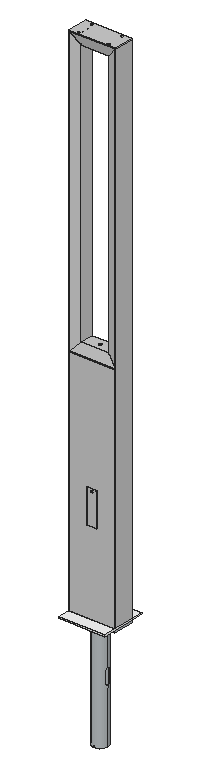
Revit family "BE_99075_de_DE", category Leuchten, Revit 2015
Parameters (values of type "BEGA_99075_Silber_K3")
  built-in parameter 1150104 = 16.775 (stored number, unit not read)
  Windangriffsfläche = "1.63 m²"
  Werkzeuglos = ""
  Wattage = 35.5 W
  Default Elevation = 0 mm
  built-in parameter 1150113 = 1 (stored number, unit not read)
  built-in parameter 1114218 = 1 (stored number, unit not read)
  Umgebungstemperatur = "25 °C"
  URL = "http://www.bega.de/produkt/99075"
  Typenkommentare = "© 2017 BEGA. Wir behalten uns das Recht vor, technische Änderungen ohne vorherige Ankündigung vorzunehmen."  # constant formula
  Type Image = 99075.png
  built-in parameter 1150134 = (empty or 0)
  built-in parameter 1150109 = 1 (stored number, unit not read)
  Strom = ""
  built-in parameter 1150110 = 1 (stored number, unit not read)
  Spannung = 239.996 V
  Sonderanfertigung = no
  Seriennummer [instance] = "Hier können Sie die eindeutige Seriennummer für das Facility Management eintragen."
  Schutzklasse = "I"
  Schutzart = "IP 65"
  Scheinlast = 0 VA
  Produktdatenblatt = "http://www.bega.de/download/Xrfa/db/99075.db.de.pdf"
  Oberflächentemperatur = ""
  Neigungswinkel = 0.00°
  Modell = "99075AK3"
  Material_18 = BEGA_Gummi_schwarz
  Material_17 = BEGA_Reflektor
  Material_15 = BEGA_Leuchtmedium_matt
  Material_11 = BEGA_Glas_opal
  Material_10 = BEGA_Glas_matt
  Material_09 = BEGA_Glas_klar
  Material_06 = BEGA_Oberfläche_Edelstahl_gebürstet
  Material_03 = BEGA_Oberfläche_Weiss_matt
  Material_02 = BEGA_Oberfläche_Silber_matt
  Material_01 [instance] = BEGA_Oberfläche_Grafit_matt
  M_W = no
  M_G = no
  M_A = yes
  Logo = 0
  built-in parameter 1114217 = 1 (stored number, unit not read)
  built-in parameter 1150139 = (empty or 0)
  built-in parameter 1150105 = 510.08 (stored number, unit not read)
  built-in parameter 1150114 = 1 (stored number, unit not read)
  Lumens = 6409.88 lm
  built-in parameter 1150115 = 1 (stored number, unit not read)
  Leuchtenlichtstrom = "3615 lm"
  Leuchtenanzahl = ""
  Lebensdauerkriterien = "L70 = 50.000 h"
  Lastklassifizierung = Beleuchtung
  built-in parameter 1150112 = 1 (stored number, unit not read)
  Lampenlichtstrom = "6410 lm"
  Lampe = "LED 35.5 W"
  LED_Modulbezeichnung = "LED-0315/830"
  built-in parameter 1150142 = "IESNA:LM-63-1995\r\n[TEST] \r\n[MANUFAC] BEGA\r\n[MORE] Converted by LUMCat V \r\n[MORE] 07.12.2016 / H.R.\r\n[LUMCAT] \r\n[LUMINAIRE] 99075K3 0°\r\n[LAMPCAT] LED  35,5W\r\n[LAMPCAT] LED  35,5W    3615 lm,   42 W\r\n[LAMP] LED  35,5W\r\nTILT=NONE\r\n1    3615 1.0 73 19 1 2 0.100 0.220 0.000\r\n1.0 1.0 42\r\n   0.0   2.5   5.0   7.5  10.0  12.5  15.0  17.5  20.0  22.5  25.0  27.5  30.0\r\n  32.5  35.0  37.5  40.0  42.5  45.0  47.5  50.0  52.5  55.0  57.5  60.0  62.5\r\n  65.0  67.5  70.0  72.5  75.0  77.5  80.0  82.5  85.0  87.5  90.0  92.5  95.0\r\n  97.5 100.0 102.5 105.0 107.5 110.0 112.5 115.0 117.5 120.0 122.5 125.0 127.5\r\n 130.0 132.5 135.0 137.5 140.0 142.5 145.0 147.5 150.0 152.5 155.0 157.5 160.0\r\n 162.5 165.0 167.5 170.0 172.5 175.0 177.5 180.0\r\n   0.0   5.0  10.0  15.0  20.0  25.0  30.0  35.0  40.0  45.0  50.0  55.0  60.0\r\n  65.0  70.0  75.0  80.0  85.0  90.0\r\n       2.9       6.6     132.9     452.5     554.3     376.1     194.1      65.7\r\n      39.3      34.3      30.3      24.0      18.3      13.9      10.3       7.6\r\n       5.6       4.2       3.2       2.3       1.6       1.1       0.6       0.3\r\n       0.2       0.1       0.0       0.1       0.1       0.0       0.1       0.0\r\n       0.1       0.0       0.1       0.1       0.0       0.1       0.1       0.0\r\n       0.1       0.1       0.0       0.0       0.0       0.0       0.0       0.0\r\n       0.0       0.0       0.0       0.0       0.0       0.0       0.1       0.0\r\n       0.0       0.0       0.0       0.0       0.0       0.0       0.1       0.0\r\n       0.1       0.1       0.1       0.1       0.1       0.1       0.1       0.3\r\n       0.3\r\n       2.9       6.6     137.3     481.2     601.8     410.8     214.3      77.2\r\n      45.4      38.3      33.4      26.9      21.0      15.8      12.0       8.9\r\n       6.7       5.0       3.8       2.9       2.1       1.6       1.0       0.7\r\n       0.5       0.4       0.3       0.3       0.3       0.2       0.2       0.2\r\n       0.1       0.1       0.1       0.1       0.1       0.1       0.1       0.1\r\n       0.1       0.1       0.1       0.1       0.1       0.1       0.1       0.1\r\n       0.1       0.1       0.0       0.0       0.0       0.0       0.0       0.1\r\n       0.0       0.0       0.1       0.0       0.0       0.0       0.0       0.0\r\n       0.1       0.1       0.1       0.1       0.1       0.1       0.1       0.3\r\n       0.3\r\n       2.9       6.7     150.2     568.2     740.3     532.9     297.1     137.5\r\n      80.7      60.4      50.8      41.9      35.0      29.4      24.8      21.0\r\n      17.9      15.4      13.2      11.5      10.3       9.3       8.4       7.6\r\n       6.9       6.3       5.8       5.6       5.2       4.8       4.4       4.2\r\n       3.9       3.7       3.4       3.2       3.0       2.8       2.6       2.4\r\n       2.3       2.2       2.2       2.0       1.9       1.8       1.6       1.5\r\n       1.3       1.1       0.9       0.7       0.4       0.3       0.2       0.1\r\n       0.1       0.1       0.1       0.0       0.0       0.1       0.0       0.1\r\n       0.1       0.1       0.0       0.0       0.1       0.1       0.1       0.3\r\n       0.3\r\n       2.9       6.8     170.3     700.6     950.2     748.7     484.2     311.3\r\n     223.8     176.3     145.9     119.6      98.0      81.9      68.9      58.7\r\n      50.4      43.5      37.2      32.4      28.5      25.3      22.7      20.5\r\n      18.6      17.1      15.7      14.6      13.4      12.4      11.6      10.7\r\n       9.8       9.0       8.3       7.6       7.1       6.7       6.0       5.7\r\n       5.2       4.7       4.4       4.0       3.7       3.3       3.0       2.9\r\n       2.7       2.5       2.3       1.9       1.6       1.4       1.2       0.9\r\n       0.6       0.4       0.3       0.2       0.1       0.1       0.1       0.1\r\n       0.1       0.1       0.1       0.0       0.1       0.1       0.1       0.3\r\n       0.3\r\n       2.9       6.9     194.2     855.8    1211.6    1059.7     806.0     659.3\r\n     565.7     507.8     449.6     388.9     330.3     278.9     233.5     196.6\r\n     164.3     136.9     112.9      92.2      74.0      59.1      47.6      38.9\r\n      32.5      28.5      25.8      23.5      21.5      19.9      18.3      16.8\r\n      15.5      14.2      12.9      11.7      11.0      10.3       9.6       8.8\r\n       8.0       7.1       6.4       5.9       5.4       4.9       4.4       4.0\r\n       3.6       3.3       3.1       2.8       2.5       2.2       2.0       1.7\r\n       1.4       1.1       0.8       0.6       0.4       0.3       0.2       0.3\r\n       0.1       0.1       0.1       0.1       0.1       0.1       0.1       0.3\r\n       0.3\r\n       2.9       7.0     218.9    1021.6    1505.4    1410.8    1186.5    1056.9\r\n     957.4     880.3     798.6     714.5     629.9     551.0     477.8     412.1\r\n     353.6     300.8     253.0     210.2     171.2     136.3     106.6      82.0\r\n      62.6      48.5      38.6      31.9      28.2      25.4      23.1      21.0\r\n      19.3      17.3      15.9      14.4      13.5      12.4      11.6      10.5\r\n       9.6       8.9       8.0       7.4       6.7       6.0       5.5       5.1\r\n       4.6       4.2       3.9       3.5       3.1       2.8       2.5       2.1\r\n       2.0       1.7       1.4       1.1       0.8       0.7       0.5       0.5\r\n       0.4       0.4       0.3       0.2       0.1       0.1       0.2       0.3\r\n       0.3\r\n       2.9       7.0     243.0    1189.7    1793.5    1737.2    1553.6    1445.7\r\n    1356.1    1261.3    1156.7    1047.8     937.4     833.4     735.9     643.3\r\n     560.4     483.8     413.2     349.2     289.5     235.9     189.7     150.2\r\n     117.7      91.7      70.8      54.3      42.8      34.1      27.9      23.7\r\n      20.6      18.0      16.1      14.5      13.4      12.6      11.5      10.8\r\n       9.9       9.1       8.4       7.9       7.3       6.6       6.1       5.5\r\n       5.0       4.6       4.2       3.9       3.5       3.1       2.8       2.5\r\n       2.2       2.0       1.8       1.6       1.2       1.0       0.9       0.8\r\n       0.7       0.7       0.5       0.4       0.2       0.1       0.2       0.3\r\n       0.3\r\n       2.9       7.0     265.5    1344.6    2046.0    2024.4    1893.5    1800.0\r\n    1707.0    1600.8    1485.1    1363.3    1238.1    1113.9     992.2     874.4\r\n     767.5     668.0     577.3     495.2     420.8     353.3     294.7     243.5\r\n     199.4     162.9     131.4     104.5      82.3      64.5      50.1      38.9\r\n      30.0      22.8      18.0      14.6      12.9      11.7      10.8      10.0\r\n       9.4       8.8       8.2       7.6       7.2       6.6       6.2       5.7\r\n       5.2       4.7       4.4       4.1       3.7       3.3       3.0       2.8\r\n       2.6       2.1       2.0       1.8       1.6       1.3       1.1       1.0\r\n       0.9       0.9       0.8       0.6       0.3       0.2       0.2       0.3\r\n       0.3\r\n       2.9       6.8     284.6    1471.3    2256.5    2265.9    2183.2    2112.0\r\n    2030.4    1931.6    1813.8    1685.0    1549.2    1414.5    1283.5    1154.8\r\n    1028.6     908.7     792.7     685.9     586.1     499.4     425.7     359.0\r\n     302.1     253.5     211.0     173.7     141.6     113.8      89.9      68.6\r\n      50.5      35.5      23.6      15.7      11.9      11.0      10.1       9.4\r\n       8.9       8.4       7.9       7.2       6.7       6.3       6.0       5.5\r\n       5.1       4.7       4.4       4.0       3.7       3.4       3.1       2.8\r\n       2.6       2.3       2.1       1.9       1.7       1.5       1.3       1.3\r\n       1.1       1.1       1.0       0.9       0.5       0.3       0.2       0.3\r\n       0.3\r\n       2.9       6.7     297.9    1572.2    2422.3    2464.8    2410.3    2342.8\r\n    2259.1    2163.7    2061.4    1948.8    1831.5    1707.1    1577.3    1437.7\r\n    1295.2    1152.4    1010.6     880.0     761.1     656.2     561.6     480.3\r\n     408.6     346.2     290.9     242.5     199.4     161.1     126.5      97.3\r\n      70.8      48.2      29.8      17.4      11.8      10.4       9.4       8.7\r\n       8.1       7.8       7.5       6.8       6.3       6.1       5.6       5.4\r\n       5.0       4.7       4.3       3.9       3.8       3.5       3.1       2.8\r\n       2.5       2.3       2.2       2.0       1.7       1.5       1.4       1.4\r\n       1.3       1.3       1.2       1.1       0.7       0.3       0.2       0.3\r\n       0.3\r\n       2.9       6.5     303.7    1656.9    2546.9    2616.9    2575.7    2515.9\r\n    2442.6    2356.8    2256.2    2158.3    2051.9    1921.8    1779.5    1624.1\r\n    1465.8    1309.1    1160.3    1026.7     903.9     790.1     692.1     600.3\r\n     518.9     445.9     378.6     318.0     263.1     212.5     167.8     127.8\r\n      91.3      59.9      35.7      18.7      11.1       9.8       8.5       7.9\r\n       7.6       7.1       6.8       6.5       6.1       5.6       5.2       4.9\r\n       4.4       4.3       4.1       3.7       3.4       3.2       3.0       2.7\r\n       2.6       2.3       2.1       1.8       1.7       1.6       1.5       1.4\r\n       1.3       1.3       1.3       1.3       0.9       0.4       0.2       0.3\r\n       0.3\r\n       2.9       6.3     302.0    1723.3    2636.3    2716.9    2681.2    2635.3\r\n    2570.0    2498.8    2428.1    2337.4    2210.9    2060.6    1895.9    1729.8\r\n    1562.3    1402.7    1258.3    1127.2    1005.5     893.9     789.5     692.7\r\n     602.7     518.4     440.6     368.1     302.9     244.1     191.5     144.9\r\n     103.2      67.6      39.0      19.2      10.2       8.9       7.7       7.0\r\n       6.6       6.3       5.9       5.6       5.4       5.0       4.8       4.6\r\n       4.3       4.0       3.8       3.5       3.3       3.1       2.9       2.7\r\n       2.4       2.1       1.9       1.8       1.6       1.5       1.4       1.4\r\n       1.4       1.3       1.4       1.5       1.2       0.5       0.3       0.3\r\n       0.3\r\n       2.9       6.1     295.3    1765.5    2703.5    2777.7    2748.5    2702.0\r\n    2651.3    2596.9    2534.2    2430.1    2290.9    2132.1    1962.8    1791.7\r\n    1626.4    1475.6    1335.2    1199.8    1073.3     951.4     838.8     732.3\r\n     634.1     543.4     459.9     382.4     314.3     252.5     198.4     149.0\r\n     105.4      68.3      38.9      18.5       9.6       8.3       6.9       6.0\r\n       5.8       5.5       5.2       5.0       4.7       4.4       4.3       4.0\r\n       3.8       3.7       3.4       3.1       3.0       2.8       2.5       2.3\r\n       2.2       2.0       1.8       1.6       1.6       1.4       1.3       1.3\r\n       1.4       1.4       1.4       1.6       1.3       0.7       0.3       0.3\r\n       0.3\r\n       2.9       6.0     286.4    1785.2    2749.9    2819.8    2792.1    2753.9\r\n    2709.2    2674.4    2598.3    2469.8    2321.5    2154.0    1985.4    1817.2\r\n    1663.6    1516.5    1375.1    1239.7    1107.3     980.7     860.7     747.9\r\n     643.5     547.7     460.1     381.2     311.5     249.3     193.7     143.6\r\n     100.6      64.5      36.4      16.7       8.3       7.2       5.9       5.0\r\n       4.7       4.5       4.3       4.2       3.9       3.8       3.6       3.4\r\n       3.2       3.1       2.9       2.7       2.6       2.4       2.3       2.2\r\n       1.9       1.8       1.6       1.6       1.4       1.2       1.2       1.2\r\n       1.3       1.3       1.4       1.6       1.4       0.8       0.3       0.3\r\n       0.3\r\n       2.9       5.9     277.4    1793.4    2771.4    2839.2    2813.7    2777.7\r\n    2748.3    2715.8    2617.1    2482.6    2325.2    2154.2    1988.5    1826.9\r\n    1679.2    1531.0    1388.7    1246.4    1104.2     974.5     850.8     736.8\r\n     628.9     531.1     443.7     365.3     296.7     231.6     176.6     129.8\r\n      89.8      57.1      32.1      15.1       7.4       6.3       5.2       4.1\r\n       3.8       3.7       3.6       3.4       3.3       3.1       3.0       2.7\r\n       2.6       2.5       2.5       2.4       2.2       2.1       1.9       1.8\r\n       1.7       1.5       1.4       1.2       1.1       1.0       1.1       1.1\r\n       1.2       1.3       1.4       1.6       1.6       0.9       0.4       0.3\r\n       0.3\r\n       2.9       5.8     269.5    1799.4    2780.8    2843.5    2821.6    2793.7\r\n    2771.3    2732.6    2625.0    2480.6    2317.6    2150.9    1988.1    1834.7\r\n    1684.6    1536.6    1387.7    1238.5    1100.1     965.6     841.5     721.9\r\n     613.7     517.3     428.9     349.6     276.2     214.8     160.5     116.8\r\n      80.3      50.5      28.4      13.1       6.5       5.3       4.2       3.0\r\n       2.9       2.8       2.7       2.5       2.4       2.4       2.3       2.2\r\n       2.0       2.0       1.9       1.8       1.7       1.6       1.5       1.4\r\n       1.3       1.2       1.0       1.0       0.9       0.9       0.9       0.9\r\n       1.0       1.2       1.3       1.6       1.6       1.0       0.4       0.3\r\n       0.3\r\n       2.9       5.7     263.1    1802.3    2786.6    2845.3    2824.9    2802.0\r\n    2789.0    2744.0    2624.1    2477.0    2315.9    2147.5    1987.9    1836.7\r\n    1687.4    1536.8    1383.6    1235.1    1093.2     958.3     833.0     713.9\r\n     605.7     506.6     417.2     332.8     261.0     199.8     149.3     107.5\r\n      74.3      46.5      25.6      11.6       5.4       4.4       3.3       2.1\r\n       1.8       1.8       1.8       1.7       1.6       1.6       1.4       1.4\r\n       1.2       1.4       1.3       1.2       1.1       1.0       0.9       0.9\r\n       0.8       0.7       0.7       0.7       0.7       0.6       0.7       0.7\r\n       0.9       1.1       1.2       1.5       1.6       1.0       0.4       0.3\r\n       0.3\r\n       2.9       5.6     259.1    1801.3    2787.1    2844.8    2827.5    2805.5\r\n    2796.1    2740.6    2622.9    2472.7    2307.0    2141.5    1988.1    1835.9\r\n    1684.4    1533.6    1378.7    1228.3    1087.9     954.2     827.1     708.0\r\n     598.7     500.5     405.3     322.1     249.3     190.9     140.9     102.4\r\n      69.1      42.5      23.3      10.2       4.2       3.2       2.2       1.2\r\n       0.9       0.8       0.8       0.8       0.7       0.7       0.6       0.6\r\n       0.6       0.5       0.5       0.5       0.5       0.4       0.4       0.4\r\n       0.3       0.3       0.3       0.3       0.4       0.4       0.5       0.7\r\n       0.8       1.0       1.2       1.5       1.7       1.1       0.4       0.3\r\n       0.3\r\n       2.9       5.6     257.7    1800.9    2785.7    2841.4    2824.7    2803.7\r\n    2796.5    2741.2    2615.0    2466.7    2305.1    2138.2    1984.9    1835.5\r\n    1683.6    1527.9    1375.5    1237.6    1086.1     946.2     822.2     703.2\r\n     594.2     495.7     399.5     317.3     246.4     186.8     137.8      99.6\r\n      66.3      40.7      22.2       8.8       3.0       2.2       1.3       0.2\r\n       0.1       0.1       0.1       0.1       0.1       0.1       0.1       0.1\r\n       0.1       0.1       0.1       0.1       0.1       0.1       0.1       0.1\r\n       0.1       0.1       0.1       0.1       0.1       0.2       0.4       0.6\r\n       0.8       1.0       1.2       1.5       1.7       1.1       0.4       0.2\r\n       0.3\r\n"
  Hersteller = "BEGA"  # constant formula
  Halbstreuwinkel = ""
  Gewicht = "81.5 kg"
  Frequenz = "0/50-60 Hz"
  Farbwiedergabeindex = "Ra > 80"
  Farbtemperaturverschiebung bei Dämpfen der Lampe = <Keine Auswahl>
  Farbtemperatur = "3000 K"
  Color Filter = 16777215
  Erdstück [instance] = no
  built-in parameter 1150133 = 10 (stored number, unit not read)
  Energieeffizienzklasse = "LED A++ - A"
  built-in parameter 1150137 = (empty or 0)
  built-in parameter 1150132 = (empty or 0)
  ENEC = "ja"
  Dimmbar [instance] = ""
  Datei für fotometrisches Netz = "BE_99075K3_0deg.IES"
  CE_Konformität = "ja"
  Bestellnummer_Erdstück [instance] = ""
  Bestellnummer = "99075AK3"
  Beschreibung_Sonderanfertigung = "Hier können Sie Informationen zur Sonderanfertigung eintragen."
  Beschreibung = "Lichtbauelement"
  built-in parameter 1150106 = 5.1008 (stored number, unit not read)
  Befestigungsbohrung = "Ø 22 mm"
  Befestigungsabstand = "320 x 320 mm"
  BEGA_Intern_aus = yes
  BEGA_Intern_an = yes
  BEGA_Intern_Konstruktion = yes
  BEGA_Intern = yes
  BEGA_Infotext_Winkel [instance] = no
  BEGA_IES3 = yes
  BEGA_IES2 = yes
  BEGA_IES1 = yes
  BEGA_IES = yes
  BEGA_Dummy = no
  Anschlussleitung = ""
  Anschlussleistung [instance] = "41.8 W"
  built-in parameter 1150107 = 3000 (stored number, unit not read)
  built-in parameter 1150102 = (empty or 0)
  built-in parameter 1150138 = (empty or 0)
  Aktualisierung = "2017-02-02T04:14:52"
  Abstand_zur_angestrahlten_Fläche [instance] = ""
  AC/DC = "AC/DC"
Reference planes
  plane 1 "Mitte (Vorne/Hinten)": y = 0
  plane 2: z = 0
  plane 3 "Mitte (Links/Rechts)": x = 0
  plane 4 "Links": x = -200.3
  plane 5 "Rechts": x = 200.3
  plane 6 "Unten": y = -90.319
  plane 7 "Oben": y = 90.319
  plane 8 "Vorne": z = 4508
  plane 9 "Hinten": z = -1000.5
Forms (mm)
  Extrusion 1, solid, material "BEGA_Platte_Weiss"
    sketch origin (0, -1119.2, 0) x (1, 0, 0) y (0, 1, 0)
      loop
        line (-200, 1319.2) -> (-200, 919.2) -> (200, 919.2) -> (200, 1319.2) -> (-200, 1319.2)
    from 0 to -10
  Extrusion 2, solid, material "BEGA_Dummy_matt", visible <- "BEGA_Dummy"
    sketch origin (80.095, -76.023, 0) x (1, 0, 0) y (0, 1, 0)
      loop
        line (-280.395, 166.342) -> (-280.395, -14.296) -> (120.205, -14.296) -> (120.205, 166.342) -> (-280.395, 166.342)
    from 0 to 4508
Dimensions and locks
  plane 1 "Mitte (Vorne/Hinten)" to Extrusion 1 = 200 mm
  aligned and locked: plane 2 to Extrusion 1
  aligned and locked: level to Extrusion 1
Nested families
  nested 1: "BE_99075" at (0, 0, 0), type "BE_99075"
Connectors
  electrical at (0, 0, 0), driven by "Lastklassifizierung", driven by "Spannung", driven by "Scheinlast"
    settings: index 1, voltage 239.996 V, apparent load 0 VA, apparent load phase1 0 VA, apparent load phase2 0 VA, apparent load phase3 0 VA, power factor 1, load classification "Beleuchtung", number of poles 1, system type 31, power factor state 1, is connector primary yes, connector utility no, sub classification motor no, connector description ""
Definition of nested family "BE_99075"
  Parameters (values of type "BE_99075")
    Default Elevation = 1 mm
    URL = "http://www.bega.de/de/produkt"
    Type Comments = "© 2015 BEGA. Wir behalten uns das Recht vor, technische Änderungen ohne vorherige Ankündigung vorzunehmen. "  # constant formula
    Type Image = (empty or 0)
    Material_18 = none
    Material_17 = none
    Material_15 = none
    Material_11 = none
    Material_10 = none
    Material_09 = none
    Material_08 = none
    Material_06 = none
    Material_03 = none
    Material_02 = none
    Material_01 = none
    M_W = yes
    M_G = yes
    M_A = yes
    Länge_Platte = 600 mm  # constant formula
    Höhe_Platte = -10 mm  # constant formula
    Manufacturer = "BEGA"  # constant formula
    Breite_Platte = 300 mm  # constant formula
  Reference planes
    plane 1 "Mitte (Oben/Unten)": y = 0
    plane 2: z = 0
    plane 3 "Mitte (Links/Rechts)": x = 0
    plane 4: x = -200.3
    plane 5: z = -1000.5
    plane 6: x = 200.3
    plane 7: z = 4508
    plane 8: y = 90.319
    plane 9: y = -90.319
  Forms (mm)
    Extrusion 1, solid, detail levels medium
      sketch origin (0, 0, 0) x (1, 0, 0) y (0, 1, 0)
        loop
          line (-300, 150) -> (-300, -150) -> (300, -150) -> (300, 150) -> (-300, 150)
      from 0 to -10 <- "Höhe_Platte"
    Extrusion 2, solid, material <- "Material_01", visible <- "M_G", detail levels medium+fine
      sketch origin (0, 0, 0) x (1, 0, 0) y (0, 1, 0)
        loop
          line (-119.7, 60) -> (-199.7, 91.373) -> (-199.7, -91.373) -> (-119.7, -60) -> (-119.7, 60)
        loop
          line (119.7, 60) -> (119.7, -60) -> (199.7, -91.373) -> (199.7, 91.373) -> (119.7, 60)
      from 0 to 4500
    Extrusion 3, solid, material <- "Material_01", visible <- "M_G", detail levels medium+fine
      sketch origin (0, 0, 0) x (0, 1, 0) y (0, 0, 1)
        loop
          line (60, 4410) -> (90, 4500) -> (84.729, 4500) -> (60, 4425.811) -> (60, 4410)
        loop
          line (-60, 4410) -> (-60, 4425.811) -> (-84.729, 4500) -> (-90, 4500) -> (-60, 4410)
      from -199.7 to 199.7
    Extrusion 4, solid, material <- "Material_01", visible <- "M_G", detail levels medium+fine
      sketch origin (0, 0, 0) x (1, 0, 0) y (0, 0, 1)
        loop
          line (-200.3, 4508) -> (-200.3, 4500) -> (200.3, 4500) -> (200.3, 4508) -> (-200.3, 4508)
      from -90.319 to 90.31
    Extrusion 5, solid, material <- "Material_01", visible <- "M_G", detail levels medium+fine
      sketch origin (0, 0, 8360) x (0, 1, 0) y (0, 0, 1)
        loop
          line (90, -6349.8) -> (90, -6339.875) -> (60, -6259.8) -> (-60, -6259.8) -> (-90, -6339.875) -> (-90, -6349.8) -> (-85.5, -6349.8) -> (-85.5, -6364.8) -> (-81.3, -6364.8) -> (-80.719, -6348.145) -> (-55, -6271.8) -> (55, -6271.8) -> (80.719, -6348.145) -> (81.3, -6364.8) -> (85.5, -6364.8) -> (85.5, -6349.8) -> (90, -6349.8)
      from -199.7 to 199.7
    Extrusion 6, solid, material <- "Material_01", visible <- "M_G", detail levels medium+fine
      sketch origin (0, 0, 0) x (0, 1, 0) y (0, 0, 1)
        loop
          line (90, 2010) -> (86, 2010) -> (86, 0) -> (90, 0) -> (90, 2010)
        loop
          line (-90, 2010) -> (-90, 0) -> (-86, 0) -> (-86, 2010) -> (-90, 2010)
      from -199.7 to 199.7
    Extrusion 7, void
      sketch origin (0, 0, 0) x (1, 0, 0) y (0, 1, 0)
        loop
          line (-193.524, 92.676) -> (-201.354, 92.676) -> (-201.354, 84.846) -> (-193.524, 92.676)
        loop
          line (-193.524, -92.676) -> (-201.354, -84.846) -> (-201.354, -92.676) -> (-193.524, -92.676)
        loop
          line (193.524, 92.676) -> (201.354, 84.846) -> (201.354, 92.676) -> (193.524, 92.676)
        loop
          line (193.524, -92.676) -> (201.354, -92.676) -> (201.354, -84.846) -> (193.524, -92.676)
      from 0 to 4536.84
    Sweep 8, solid, material <- "Material_08", detail levels medium+fine
      path origin (0, 0, 0) x (1, 0, 0) y (0, 1, 0)
        loop
          line (200.3, 90.319) -> (-200.3, 90.319) -> (-200.3, -90.31) -> (200.3, -90.31) -> (200.3, 90.319)
      profile origin (0, 90.319, 0) x (0, -1, 0) y (0, 0, 1)
        loop
          arc (6.819, -0.5) -> (3.283, -1.964) -> (1.819, -5.5) r 5
          line (1.819, -5.5) -> (1.819, -30.5) -> (5.819, -30.5) -> (5.819, -4.5) -> (21.819, -4.5) -> (21.819, -0.5) -> (6.819, -0.5)
    Revolve 9, solid, material <- "Material_08", detail levels medium+fine
      sketch origin (0, 0, 0) x (1, 0, 0) y (0, 0, 1)
        loop
          line (-62.9, -1000.5) -> (-62.9, 699.5) -> (-66.5, 699.5) -> (-66.5, -1000.5) -> (-62.9, -1000.5)
        axis (0, 699.5) -> (0, -1000.5)
      angle from 0 to 360
    Extrusion 10, solid, material <- "Material_08", detail levels medium+fine
      sketch origin (0, 0, 0) x (1, 0, 0) y (0, 1, 0)
        loop
          circle (0, 0) r 66.5
        loop
          line (-178.481, 68.5) -> (-178.481, -68.491) -> (178.481, -68.491) -> (178.481, 68.5) -> (-178.481, 68.5)
      from -4.5 to -0.5
    Extrusion 11, void
      sketch origin (0, 0, 0) x (1, 0, 0) y (0, 0, 1)
        loop
          circle (0, -990.5) r 3.75
      from -68.5 to 68.5
    Extrusion 12, void
      sketch origin (0, 0, 0) x (0, 1, 0) y (0, 0, 1)
        loop
          line (-25, -405.5) -> (-25, -505.5)
          arc (-25, -505.5) -> (0, -530.5) -> (25, -505.5) r 25
          line (25, -505.5) -> (25, -405.5)
          arc (25, -405.5) -> (0, -380.5) -> (-25, -405.5) r 25
      from -73.573 to 74.839
    Revolve 13, solid, material <- "Material_06", detail levels fine
      sketch origin (0, 75, 0) x (-1, 0, 0) y (0, 0, 1)
        loop
          line (-137.35, 4508.5) -> (-137.35, 4507.539) -> (-130, 4507.539) -> (-130, 4508.5) -> (-137.35, 4508.5)
        axis (-130, 4508.5) -> (-130, 4507.5)
      angle from 0 to 360
    Revolve 14, solid, material <- "Material_06", detail levels fine
      sketch origin (0, -75, 0) x (-1, 0, 0) y (0, 0, 1)
        loop
          line (-137.35, 4508.5) -> (-137.35, 4507.539) -> (-130, 4507.539) -> (-130, 4508.5) -> (-137.35, 4508.5)
        axis (-130, 4508.5) -> (-130, 4507.5)
      angle from 0 to 360
    Revolve 15, solid, material <- "Material_06", detail levels fine
      sketch origin (0, 75, 0) x (1, 0, 0) y (0, 0, 1)
        loop
          line (-137.35, 4508.5) -> (-137.35, 4507.539) -> (-130, 4507.539) -> (-130, 4508.5) -> (-137.35, 4508.5)
        axis (-130, 4508.5) -> (-130, 4507.5)
      angle from 0 to 360
    Revolve 16, solid, material <- "Material_06", detail levels fine
      sketch origin (0, -75, 0) x (1, 0, 0) y (0, 0, -1)
        loop
          line (-137.35, -4508.5) -> (-130, -4508.5) -> (-130, -4507.539) -> (-137.35, -4507.539) -> (-137.35, -4508.5)
        axis (-130, -4508.5) -> (-130, -4507.5)
      angle from 0 to 360
    Extrusion 17, void
      sketch origin (0, 0, 0) x (1, 0, 0) y (0, 0, 1)
        loop
          line (40.954, 1017.284) -> (-40.954, 1017.284)
          arc (-40.954, 1017.284) -> (-44.277, 1015.908) -> (-45.654, 1012.584) r 4.7
          line (-45.654, 1012.584) -> (-45.654, 724.602)
          arc (-45.654, 724.602) -> (-44.277, 721.279) -> (-40.954, 719.902) r 4.7
          line (-40.954, 719.902) -> (40.954, 719.902)
          arc (40.954, 719.902) -> (44.277, 721.279) -> (45.654, 724.602) r 4.7
          line (45.654, 724.602) -> (45.654, 1012.584)
          arc (45.654, 1012.584) -> (44.277, 1015.908) -> (40.954, 1017.284) r 4.7
      from 88 to 95.842
    Extrusion 18, solid, material <- "Material_01", visible <- "M_G", detail levels medium+fine
      sketch origin (0, 0, 0) x (1, 0, 0) y (0, 0, 1)
        loop
          arc (-40.647, 1016.571) -> (-43.701, 1015.537) -> (-45, 1012.587) r 4
          line (-45, 1012.587) -> (-44.984, 724.94)
          arc (-44.984, 724.94) -> (-43.829, 721.758) -> (-40.647, 720.602) r 4
          line (-40.647, 720.602) -> (41.012, 720.587)
          arc (41.012, 720.587) -> (43.955, 721.891) -> (44.984, 724.941) r 4
          line (44.984, 724.941) -> (44.984, 1012.233)
          arc (44.984, 1012.233) -> (43.951, 1015.287) -> (41, 1016.587) r 4
          line (41, 1016.587) -> (-40.647, 1016.571)
      from 88 to 90
    Revolve 19, void
      sketch origin (0, 0, 0) x (0, 1, 0) y (0, 0, 1)
        loop
          line (-84.147, 1004.8) -> (-95.722, 1004.8) -> (-95.722, 994.6) -> (-84.147, 994.6) -> (-84.147, 1004.8)
        axis (-84.147, 994.6) -> (-95.722, 994.6)
      angle from 0 to 360
    Revolve 20, solid, material <- "Material_01", visible <- "M_G", detail levels medium+fine
      sketch origin (0, 0, 0) x (0, 1, 0) y (0, 0, 1)
        loop
          line (-72, 1003.35) -> (-72, 999.881) -> (-68.5, 999.85) -> (-68.5, 1003.473)
          arc (-68.5, 1003.473) -> (-69.379, 1005.595) -> (-71.502, 1006.473) r 3
          line (-71.502, 1006.473) -> (-90, 1006.635) -> (-90, 1003.664) -> (-72, 1003.35)
        axis (-68.5, 994.6) -> (-90, 994.6)
      angle from 0 to 360
    Revolve 21, solid, material <- "Material_06", detail levels fine
      sketch origin (0, 0, 0) x (0, 1, 0) y (0, 0, 1)
        loop
          line (-75, 1001.6) -> (-75, 999.6) -> (-84, 999.6) -> (-85, 998.6) -> (-85, 994.6) -> (-72, 994.6) -> (-72, 1001.6) -> (-75, 1001.6)
        axis (-72, 994.6) -> (-85, 994.6)
      angle from 0 to 360
    Revolve 22, void
      sketch origin (0, 0, 0) x (1, 0, 0) y (0, 0, 1)
        loop
          line (-3.893, 2095.843) -> (0, 2095.843) -> (0, 2100.2) -> (-8.25, 2100.2) -> (-3.893, 2095.843)
        axis (0, 2100.2) -> (0, 2095.843)
      angle from 0 to 360
    Revolve 23, solid, material <- "Material_06", detail levels fine
      sketch origin (0, 0, 0) x (1, 0, 0) y (0, 0, 1)
        loop
          line (0, 2099.85) -> (-7.35, 2099.85) -> (-7.35, 2098.935) -> (0, 2098.935) -> (0, 2099.85)
        axis (0, 2099.85) -> (0, 2098.85)
      angle from 0 to 360
    Sweep 24, solid, material <- "Material_01", visible <- "M_G", detail levels medium+fine
      path origin (0, 0, 0) x (1, 0, 0) y (0, 1, 0)
        loop
          line (-119.7, -60) -> (119.7, -60) -> (119.7, 60) -> (-119.7, 60) -> (-119.7, -60)
      profile origin (-119.7, 0, 0) x (-1, 0, 0) y (0, 0, 1)
        loop
          line (-8.7, 4414) -> (-7.244, 4410) -> (0, 4410) -> (0, 4419) -> (-13.025, 4419) -> (-13.2, 4414) -> (-8.7, 4414)
    Extrusion 25, solid, material <- "Material_10", detail levels medium+fine
      sketch origin (0, 0, 0) x (1, 0, 0) y (0, 0, 1)
        loop
          line (-106.25, 4414) -> (-106.25, 4412.9) -> (-110.75, 4412.9) -> (-110.75, 4408.9) -> (110.75, 4408.9) -> (110.75, 4412.9) -> (106.25, 4412.9) -> (106.25, 4414) -> (-106.25, 4414)
      from -50.75 to 50.71
    Extrusion 26, solid, material <- "Material_02", visible <- "M_A", detail levels medium+fine
      sketch origin (0, 0, 0) x (1, 0, 0) y (0, 1, 0)
        loop
          line (-119.7, 60) -> (-199.7, 91.373) -> (-199.7, -91.373) -> (-119.7, -60) -> (-119.7, 60)
        loop
          line (119.7, 60) -> (119.7, -60) -> (199.7, -91.373) -> (199.7, 91.373) -> (119.7, 60)
      from 0 to 4500
    Extrusion 27, solid, material <- "Material_02", visible <- "M_A", detail levels medium+fine
      sketch origin (0, 0, 0) x (0, 1, 0) y (0, 0, 1)
        loop
          line (60, 4410) -> (90, 4500) -> (84.729, 4500) -> (60, 4425.811) -> (60, 4410)
        loop
          line (-60, 4410) -> (-60, 4425.811) -> (-84.729, 4500) -> (-90, 4500) -> (-60, 4410)
      from -199.7 to 199.7
    Extrusion 28, solid, material <- "Material_02", visible <- "M_A", detail levels medium+fine
      sketch origin (0, 0, 0) x (1, 0, 0) y (0, 0, 1)
        loop
          line (-200.3, 4508) -> (-200.3, 4500) -> (200.3, 4500) -> (200.3, 4508) -> (-200.3, 4508)
      from -90.319 to 90.31
    Extrusion 29, solid, material <- "Material_02", visible <- "M_A", detail levels medium+fine
      sketch origin (0, 0, 8360) x (0, 1, 0) y (0, 0, 1)
        loop
          line (90, -6349.8) -> (90, -6339.875) -> (60, -6259.8) -> (-60, -6259.8) -> (-90, -6339.875) -> (-90, -6349.8) -> (-85.5, -6349.8) -> (-85.5, -6364.8) -> (-81.3, -6364.8) -> (-80.719, -6348.145) -> (-55, -6271.8) -> (55, -6271.8) -> (80.719, -6348.145) -> (81.3, -6364.8) -> (85.5, -6364.8) -> (85.5, -6349.8) -> (90, -6349.8)
      from -199.7 to 199.7
    Extrusion 30, solid, material <- "Material_02", visible <- "M_A", detail levels medium+fine
      sketch origin (0, 0, 0) x (0, 1, 0) y (0, 0, 1)
        loop
          line (90, 2010) -> (86, 2010) -> (86, 0) -> (90, 0) -> (90, 2010)
        loop
          line (-90, 2010) -> (-90, 0) -> (-86, 0) -> (-86, 2010) -> (-90, 2010)
      from -199.7 to 199.7
    Sweep 31, solid, material <- "Material_02", visible <- "M_A", detail levels medium+fine
      path origin (0, 0, 0) x (1, 0, 0) y (0, 1, 0)
        loop
          line (-119.7, -60) -> (119.7, -60) -> (119.7, 60) -> (-119.7, 60) -> (-119.7, -60)
      profile origin (-119.7, 0, 0) x (-1, 0, 0) y (0, 0, 1)
        loop
          line (-8.7, 4414) -> (-7.244, 4410) -> (0, 4410) -> (0, 4419) -> (-13.025, 4419) -> (-13.2, 4414) -> (-8.7, 4414)
    Extrusion 32, solid, material <- "Material_02", visible <- "M_A", detail levels medium+fine
      sketch origin (0, 0, 0) x (1, 0, 0) y (0, 0, 1)
        loop
          arc (-40.647, 1016.571) -> (-43.701, 1015.537) -> (-45, 1012.587) r 4
          line (-45, 1012.587) -> (-44.984, 724.94)
          arc (-44.984, 724.94) -> (-43.829, 721.758) -> (-40.647, 720.602) r 4
          line (-40.647, 720.602) -> (41.012, 720.587)
          arc (41.012, 720.587) -> (43.955, 721.891) -> (44.984, 724.941) r 4
          line (44.984, 724.941) -> (44.984, 1012.233)
          arc (44.984, 1012.233) -> (43.951, 1015.287) -> (41, 1016.587) r 4
          line (41, 1016.587) -> (-40.647, 1016.571)
      from 88 to 90
    Revolve 33, solid, material <- "Material_02", visible <- "M_A", detail levels medium+fine
      sketch origin (0, 0, 0) x (0, 1, 0) y (0, 0, 1)
        loop
          line (-72, 1003.35) -> (-72, 999.881) -> (-68.5, 999.85) -> (-68.5, 1003.473)
          arc (-68.5, 1003.473) -> (-69.379, 1005.595) -> (-71.502, 1006.473) r 3
          line (-71.502, 1006.473) -> (-90, 1006.635) -> (-90, 1003.664) -> (-72, 1003.35)
        axis (-68.5, 994.6) -> (-90, 994.6)
      angle from 0 to 360
  Cuts and joins
    Extrusion 7, Extrusion 17, Revolve 19, Revolve 22 cuts Extrusion 2
    Extrusion 7, Extrusion 17, Revolve 19, Revolve 22 cuts Extrusion 3
    Extrusion 7, Extrusion 17, Revolve 19, Revolve 22 cuts Extrusion 4
    Extrusion 7, Extrusion 17, Revolve 19, Revolve 22 cuts Extrusion 5
    Extrusion 7, Extrusion 17, Revolve 19, Revolve 22 cuts Extrusion 6
    joined: Extrusion 2, Extrusion 3, Extrusion 4, Extrusion 5, Extrusion 6, Sweep 24
    Extrusion 11, Extrusion 12 cuts Sweep 8
    Extrusion 11, Extrusion 12 cuts Revolve 9
    Extrusion 11, Extrusion 12 cuts Extrusion 10
    joined: Sweep 8, Revolve 9, Extrusion 10
    Revolve 19 cuts Extrusion 18
    joined: Extrusion 18, Revolve 20
    Extrusion 7 cuts Extrusion 26
    Extrusion 7 cuts Extrusion 27
    Extrusion 7 cuts Extrusion 28
    Extrusion 7, Revolve 22 cuts Extrusion 29
    Extrusion 7, Extrusion 17, Revolve 19 cuts Extrusion 30
    Extrusion 7 cuts Sweep 31
    joined: Extrusion 26, Extrusion 27, Extrusion 28, Extrusion 29, Extrusion 30, Sweep 31
    Revolve 19 cuts Extrusion 32
    joined: Extrusion 32, Revolve 33
  Dimensions and locks
    equal spacing: Extrusion 1 sketch curve, plane 3 "Mitte (Links/Rechts)", Extrusion 1 sketch curve
    equal spacing: Extrusion 1 sketch curve, plane 1 "Mitte (Oben/Unten)", Extrusion 1 sketch curve
    "Länge_Platte": Extrusion 1 sketch curve to Extrusion 1 sketch curve
    "Breite_Platte": Extrusion 1 sketch curve to Extrusion 1 sketch curve
    aligned and locked: Extrusion 1 to plane 2
    aligned and locked: level to Extrusion 1
  Automatic sketch dimensions
    Extrusion 2 sketch curve to plane 1 "Mitte (Oben/Unten)" = 91.373 mm  (x2)
    Extrusion 2 sketch curve to plane 3 "Mitte (Links/Rechts)" = 199.7 mm
    Extrusion 2 sketch curve to Extrusion 2 sketch curve = 80 mm  (x2)
    plane 3 "Mitte (Links/Rechts)" to Extrusion 2 sketch curve = 119.7 mm
    Extrusion 2 sketch curve to plane 1 "Mitte (Oben/Unten)" = 60 mm  (x2)
    plane 1 "Mitte (Oben/Unten)" to Extrusion 2 sketch curve = 60 mm  (x2)
    Extrusion 2 sketch curve to Extrusion 2 sketch curve = 31.373 mm  (x2)
    Extrusion 4 sketch curve to plane 3 "Mitte (Links/Rechts)" = 200.3 mm
    plane 3 "Mitte (Links/Rechts)" to Extrusion 4 sketch curve = 200.3 mm
    level to Extrusion 4 sketch curve = 4500 mm
    Extrusion 4 sketch curve to Extrusion 4 sketch curve = 8 mm
    Extrusion 5 sketch curve to plane 1 "Mitte (Oben/Unten)" = 90 mm
    Extrusion 5 sketch curve to Extrusion 5 sketch curve = 4.5 mm  (x2)
    Extrusion 5 sketch curve to Extrusion 5 sketch curve = 4.2 mm
    Extrusion 5 sketch curve to Extrusion 5 sketch curve = 4.781 mm  (x2)
    Extrusion 5 sketch curve to plane 1 "Mitte (Oben/Unten)" = 60 mm
    Extrusion 5 sketch curve to Extrusion 5 sketch curve = 5 mm  (x2)
    plane 1 "Mitte (Oben/Unten)" to Extrusion 5 sketch curve = 55 mm
    Extrusion 5 sketch curve to Extrusion 5 sketch curve = 25.719 mm
    Extrusion 5 sketch curve to Extrusion 5 sketch curve = 0.582 mm
    Extrusion 5 sketch curve to level = 2100.2 mm
    Extrusion 5 sketch curve to Extrusion 5 sketch curve = 12 mm
    Extrusion 5 sketch curve to Extrusion 5 sketch curve = 68.075 mm  (x2)
    Extrusion 5 sketch curve to Extrusion 5 sketch curve = 8.27 mm  (x2)
    Extrusion 5 sketch curve to Extrusion 5 sketch curve = 1.654 mm  (x2)
    Extrusion 5 sketch curve to Extrusion 5 sketch curve = 15 mm  (x2)
    Extrusion 6 sketch curve to level = 0 mm  (x2)
    plane 1 "Mitte (Oben/Unten)" to Extrusion 6 sketch curve = 90 mm
    Extrusion 6 sketch curve to Extrusion 6 sketch curve = 4 mm  (x2)
    Extrusion 6 sketch curve to plane 1 "Mitte (Oben/Unten)" = 86 mm
    Extrusion 6 sketch curve to Extrusion 6 sketch curve = 2010 mm
    Extrusion 6 sketch curve to Extrusion 6 sketch curve = 0 mm
    plane 1 "Mitte (Oben/Unten)" to Extrusion 7 sketch curve = 92.676 mm  (x2)
    Extrusion 7 sketch curve to plane 3 "Mitte (Links/Rechts)" = 201.354 mm
    Extrusion 7 sketch curve to plane 1 "Mitte (Oben/Unten)" = 84.846 mm
    Extrusion 7 sketch curve to Extrusion 7 sketch curve = 0 mm  (x2)
    Extrusion 7 sketch curve to Extrusion 7 sketch curve = 7.83 mm  (x7)
    Extrusion 7 sketch curve to plane 1 "Mitte (Oben/Unten)" = 92.676 mm
    plane 3 "Mitte (Links/Rechts)" to Extrusion 7 sketch curve = 193.524 mm
    plane 1 "Mitte (Oben/Unten)" to Extrusion 7 sketch curve = 84.846 mm
    Sweep 8 sketch curve to plane 1 "Mitte (Oben/Unten)" = 90.319 mm
    Sweep 8 sketch curve to plane 3 "Mitte (Links/Rechts)" = 200.3 mm
    plane 1 "Mitte (Oben/Unten)" to Sweep 8 sketch curve = 90.31 mm
    plane 3 "Mitte (Links/Rechts)" to Sweep 8 sketch curve = 200.3 mm
    Sweep 8 sketch curve to profile plane = 1.819 mm
    Sweep 8 sketch curve to Sweep 8 sketch curve = 4 mm
    Sweep 8 sketch curve to level = 0.5 mm
    Sweep 8 sketch curve to Sweep 8 sketch curve = 1 mm  (x2)
    Sweep 8 sketch curve to Sweep 8 sketch curve = 15 mm
    Sweep 8 sketch curve to Sweep 8 sketch curve = 25 mm
    Revolve 9 sketch curve to plane 3 "Mitte (Links/Rechts)" = 0 mm
    Revolve 9 sketch curve to plane 3 "Mitte (Links/Rechts)" = 62.9 mm
    Revolve 9 sketch curve to Revolve 9 sketch curve = 3.6 mm
    Revolve 9 sketch curve to level = 1000.5 mm
    level to Revolve 9 sketch curve = 699.5 mm
    level to Revolve 9 sketch curve = 324.5 mm
    Revolve 9 sketch curve to Revolve 9 sketch curve = 60 mm
    Extrusion 10 sketch curve to Extrusion 10 sketch curve = 0 mm  (x2)
    plane 1 "Mitte (Oben/Unten)" to Extrusion 10 sketch curve = 0 mm
    Extrusion 10 sketch curve to plane 3 "Mitte (Links/Rechts)" = 0 mm
    plane 1 "Mitte (Oben/Unten)" to Extrusion 10 sketch curve = 68.491 mm
    Extrusion 10 sketch curve to plane 3 "Mitte (Links/Rechts)" = 178.481 mm
    plane 3 "Mitte (Links/Rechts)" to Extrusion 10 sketch curve = 178.481 mm
    Extrusion 10 sketch curve to plane 1 "Mitte (Oben/Unten)" = 68.5 mm
    Extrusion 10 sketch curve to Extrusion 10 sketch curve = 66.5 mm
    Extrusion 12 sketch curve to plane 1 "Mitte (Oben/Unten)" = 0 mm
    plane 1 "Mitte (Oben/Unten)" to Extrusion 12 sketch curve = 25 mm
    Extrusion 12 sketch curve to level = 505.5 mm
    Extrusion 12 sketch curve to Extrusion 12 sketch curve = 100 mm
    Revolve 13 sketch curve to plane 3 "Mitte (Links/Rechts)" = 137.35 mm
    Revolve 13 sketch curve to Revolve 13 sketch curve = 7.35 mm
    Revolve 13 sketch curve to level = 4507.539 mm
    Revolve 13 sketch curve to Revolve 13 sketch curve = 0.961 mm
    Revolve 13 sketch curve to Revolve 13 sketch curve = 0 mm  (x3)
    plane 3 "Mitte (Links/Rechts)" to Revolve 14 sketch curve = 137.35 mm
    Revolve 14 sketch curve to Revolve 14 sketch curve = 7.35 mm
    level to Revolve 14 sketch curve = 4507.539 mm
    Revolve 14 sketch curve to Revolve 14 sketch curve = 0.961 mm
    Revolve 14 sketch curve to Revolve 14 sketch curve = 0 mm  (x3)
    Revolve 15 sketch curve to plane 3 "Mitte (Links/Rechts)" = 137.35 mm
    Revolve 15 sketch curve to Revolve 15 sketch curve = 7.35 mm
    level to Revolve 15 sketch curve = 4507.539 mm
    Revolve 15 sketch curve to Revolve 15 sketch curve = 0.961 mm
    Revolve 15 sketch curve to Revolve 15 sketch curve = 0 mm  (x3)
    Revolve 16 sketch curve to plane 3 "Mitte (Links/Rechts)" = 137.35 mm
    Revolve 16 sketch curve to Revolve 16 sketch curve = 7.35 mm
    level to Revolve 16 sketch curve = 4508.5 mm
    Revolve 16 sketch curve to Revolve 16 sketch curve = 0.961 mm
    Revolve 16 sketch curve to Revolve 16 sketch curve = 0 mm  (x3)
    Extrusion 17 sketch curve to plane 3 "Mitte (Links/Rechts)" = 45.654 mm
    Extrusion 17 sketch curve to Extrusion 17 sketch curve = 4.7 mm  (x3)
    Extrusion 17 sketch curve to Extrusion 17 sketch curve = 81.907 mm
    level to Extrusion 17 sketch curve = 719.902 mm
    Extrusion 17 sketch curve to Extrusion 17 sketch curve = 287.982 mm
    Extrusion 17 sketch curve to Extrusion 17 sketch curve = 0 mm
    Extrusion 18 sketch curve to plane 3 "Mitte (Links/Rechts)" = 41 mm
    Extrusion 18 sketch curve to Extrusion 18 sketch curve = 0.353 mm  (x2)
    level to Extrusion 18 sketch curve = 1012.587 mm
    Extrusion 18 sketch curve to Extrusion 18 sketch curve = 3.984 mm  (x4)
    Extrusion 18 sketch curve to Extrusion 18 sketch curve = 81.647 mm
    Extrusion 18 sketch curve to Extrusion 18 sketch curve = 0 mm  (x6)
    Extrusion 18 sketch curve to Extrusion 18 sketch curve = 0.016 mm
    Extrusion 18 sketch curve to Extrusion 18 sketch curve = 4.354 mm  (x2)
    Extrusion 18 sketch curve to Extrusion 18 sketch curve = 0.354 mm  (x2)
    Extrusion 18 sketch curve to Extrusion 18 sketch curve = 89.969 mm
    Extrusion 18 sketch curve to Extrusion 18 sketch curve = 287.646 mm
    Extrusion 18 sketch curve to Extrusion 18 sketch curve = 3.972 mm
    plane 1 "Mitte (Oben/Unten)" to Revolve 19 sketch curve = 95.722 mm
    Revolve 19 sketch curve to Revolve 19 sketch curve = 11.575 mm
    level to Revolve 19 sketch curve = 994.6 mm
    Revolve 19 sketch curve to Revolve 19 sketch curve = 10.2 mm
    Revolve 19 sketch curve to Revolve 19 sketch curve = 4.722 mm
    Revolve 19 sketch curve to Revolve 19 sketch curve = 0 mm  (x2)
    plane 1 "Mitte (Oben/Unten)" to Revolve 20 sketch curve = 90 mm
    Revolve 20 sketch curve to Revolve 20 sketch curve = 18 mm
    Revolve 20 sketch curve to Revolve 20 sketch curve = 0.498 mm
    Revolve 20 sketch curve to Revolve 20 sketch curve = 0.5 mm
    Revolve 20 sketch curve to Revolve 20 sketch curve = 3.5 mm
    level to Revolve 20 sketch curve = 999.85 mm
    Revolve 20 sketch curve to Revolve 20 sketch curve = 0.031 mm
    Revolve 20 sketch curve to Revolve 20 sketch curve = 3.469 mm
    Revolve 20 sketch curve to Revolve 20 sketch curve = 0.124 mm
    Revolve 20 sketch curve to Revolve 20 sketch curve = 0.314 mm
    Revolve 20 sketch curve to Revolve 20 sketch curve = 3 mm
    Revolve 20 sketch curve to Revolve 20 sketch curve = 2.971 mm
    Revolve 20 sketch curve to Revolve 20 sketch curve = 0 mm  (x3)
    Revolve 20 sketch curve to Revolve 20 sketch curve = 8.618 mm
    Revolve 20 sketch curve to Revolve 20 sketch curve = 9.064 mm
    plane 1 "Mitte (Oben/Unten)" to Revolve 21 sketch curve = 85 mm
    Revolve 21 sketch curve to Revolve 21 sketch curve = 1 mm
    Revolve 21 sketch curve to Revolve 21 sketch curve = 9 mm
    Revolve 21 sketch curve to Revolve 21 sketch curve = 3 mm
    level to Revolve 21 sketch curve = 994.6 mm
    Revolve 21 sketch curve to Revolve 21 sketch curve = 4 mm
    Revolve 21 sketch curve to Revolve 21 sketch curve = 5 mm
    Revolve 21 sketch curve to Revolve 21 sketch curve = 2 mm
    Revolve 21 sketch curve to Revolve 21 sketch curve = 0 mm  (x3)
    Revolve 22 sketch curve to plane 3 "Mitte (Links/Rechts)" = 0 mm  (x2)
    Revolve 22 sketch curve to Revolve 22 sketch curve = 3.893 mm
    Revolve 22 sketch curve to Revolve 22 sketch curve = 4.357 mm  (x2)
    level to Revolve 22 sketch curve = 2095.843 mm
    Revolve 22 sketch curve to Revolve 22 sketch curve = 0 mm  (x2)
    Revolve 23 sketch curve to plane 3 "Mitte (Links/Rechts)" = 0 mm  (x2)
    Revolve 23 sketch curve to plane 3 "Mitte (Links/Rechts)" = 7.35 mm
    level to Revolve 23 sketch curve = 2098.935 mm
    Revolve 23 sketch curve to Revolve 23 sketch curve = 0.915 mm
    Revolve 23 sketch curve to Revolve 23 sketch curve = 0 mm  (x2)
    Sweep 24 sketch curve to plane 3 "Mitte (Links/Rechts)" = 119.7 mm
    Sweep 24 sketch curve to plane 1 "Mitte (Oben/Unten)" = 60 mm
    plane 3 "Mitte (Links/Rechts)" to Sweep 24 sketch curve = 119.7 mm
    plane 1 "Mitte (Oben/Unten)" to Sweep 24 sketch curve = 60 mm
    profile plane to Sweep 24 sketch curve = 7.244 mm
    Sweep 24 sketch curve to Sweep 24 sketch curve = 1.456 mm
    Sweep 24 sketch curve to Sweep 24 sketch curve = 4 mm
    Sweep 24 sketch curve to Sweep 24 sketch curve = 4.5 mm
    Sweep 24 sketch curve to Sweep 24 sketch curve = 0.175 mm
    level to Sweep 24 sketch curve = 4410 mm
    Sweep 24 sketch curve to profile plane = 0 mm
    Sweep 24 sketch curve to Sweep 24 sketch curve = 5 mm
    plane 1 "Mitte (Oben/Unten)" to Extrusion 3 sketch curve = 90 mm
    Extrusion 3 sketch curve to Extrusion 3 sketch curve = 5.271 mm  (x2)
    plane 1 "Mitte (Oben/Unten)" to Extrusion 3 sketch curve = 60 mm
    Extrusion 3 sketch curve to plane 1 "Mitte (Oben/Unten)" = 60 mm
    Extrusion 3 sketch curve to Extrusion 3 sketch curve = 24.729 mm
    level to Extrusion 3 sketch curve = 4410 mm
    Extrusion 3 sketch curve to Extrusion 3 sketch curve = 0 mm
    Extrusion 3 sketch curve to Extrusion 3 sketch curve = 15.811 mm  (x2)
    Extrusion 3 sketch curve to Extrusion 3 sketch curve = 74.189 mm  (x2)
    Extrusion 25 sketch curve to plane 3 "Mitte (Links/Rechts)" = 110.75 mm
    Extrusion 25 sketch curve to Extrusion 25 sketch curve = 4.5 mm  (x2)
    plane 3 "Mitte (Links/Rechts)" to Extrusion 25 sketch curve = 106.25 mm
    level to Extrusion 25 sketch curve = 4408.9 mm
    Extrusion 25 sketch curve to Extrusion 25 sketch curve = 4 mm  (x2)
    Extrusion 25 sketch curve to Extrusion 25 sketch curve = 1.1 mm
    Extrusion 26 sketch curve to plane 1 "Mitte (Oben/Unten)" = 91.373 mm  (x2)
    Extrusion 26 sketch curve to plane 3 "Mitte (Links/Rechts)" = 199.7 mm
    Extrusion 26 sketch curve to Extrusion 26 sketch curve = 80 mm  (x2)
    plane 3 "Mitte (Links/Rechts)" to Extrusion 26 sketch curve = 119.7 mm
    Extrusion 26 sketch curve to plane 1 "Mitte (Oben/Unten)" = 60 mm  (x2)
    plane 1 "Mitte (Oben/Unten)" to Extrusion 26 sketch curve = 60 mm  (x2)
    Extrusion 26 sketch curve to Extrusion 26 sketch curve = 31.373 mm  (x2)
